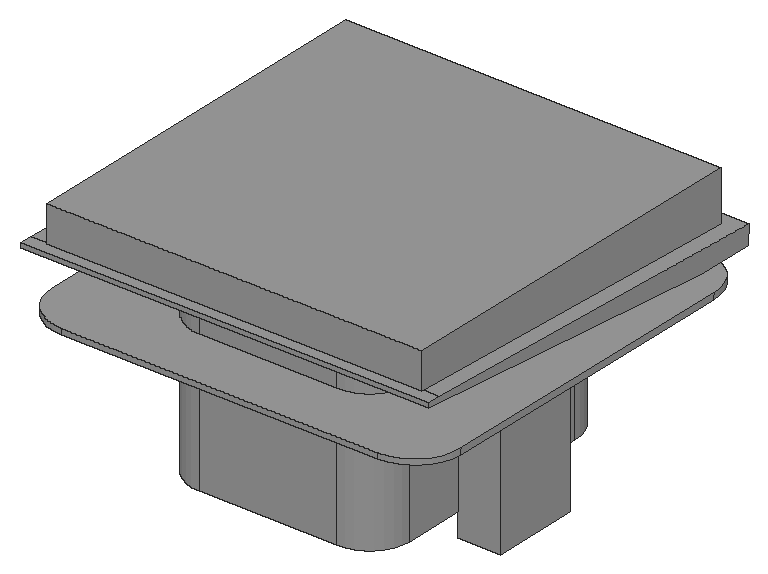
Revit family "Gira_126166", category Electrical Fixtures, host Face, Revit 2017
Family settings
  Host = Face
  Maintain Annotation Orientation = Yes
  Round Connector Dimension = Use Diameter
  Part Type = Normal
  Cut with Voids When Loaded = No
  Shared = No
  Room Calculation Point = No
Parameters (values of type "Door st. 3-g FM Gira TX_44 (WP FM) p.white")
  With info label = "Yes"
  With cover = "Yes"
  With camera = "No"
  URL = "http://katalog.gira.de/en/datenblatt.html?artikelnr=126166"
  Protection against vandalism = "Yes"
  Number of call buttons = "3"
  Name = "Door st. 3-g FM Gira TX_44 (WP FM) p.white"
  Mounting method = "Flush mounted (plaster)"
  Modular construction = "Yes"
  Manufacturer URL = "https://www.gira.de/"
  Manufacturer = "Gira"
  Keynote = ""
  Installation technique = "Bus system"
  HeinzeBIM = "https://bimportal.heinze.de/bim/door-st-3-g-fm-gira-tx-44-wp-fm-p-white/80e488d547a7f3cd47c23f1ddcd844f750dbea72"
  HAN = "126166"
  GTIN = "4010337261667"
  Description = "Door st.3g FM TX_44 PW,Door station, 3-gang,,pure white,Features:,- Installation in a conventional flush-mounted device box.,- Fits in the cover frames of the Gira TX_44 switch range.,- Modular design, therefore easy installation and expandability with further components such as call buttons, info module, colour camera, Keyless In.,- Signal transmission and supply of the audio and video components via reverse-polarity-protected and short-circuit-proof 2-wire bus.,- One-man start-up with easy start-up procedure.,- Weather-resistant speaker.,- High-quality electret microphone.,- Speakerphone function (voice-controlled talk-back with echo and background noise suppression).,- Call button LED lamps, white light. Even, clearly visible call-button illumination is achieved via maintenance-free, energy-saving LED technology.,- Audible acknowledgement signal when a call button is pressed.,- Adjustable voice volume.,- Sprayed-water proof call-button cover plate made of shock-resistant plastic.,- Name plate of the call button can be exchanged without tools and without frame disassembly.,- Professional labelling is available from the Gira Inscription Service www.marking.gira.com or using the Gira inscription software.,- Binary input for connecting a zero-voltage push button (NO contact) as a call button.,- Call button, 3-gang,,Notes :,- If only two call buttons are required, please use the call-button cover plate for 3-gang buttons."
  Default Elevation = 1219.2 mm
  Data sheet (1) = "https://katalog.gira.de/en/download.html?artikelnr=126166"
  Colour = "White"
  Category = "Door station door communication"
  BIM (1) = "https://media.stage.bim.site/public/gira/36a6b08/TX44_Komplettgerät_Schalten und Tasten.rfa?public/gira/36a6b08/TX44_Komplettgerät_Schalten und Tasten.rfa"
  Available = "No"
Reference planes
  plane 1 "Center (Front/Back)": y = 0
  plane 2 "Reference Level 0": z = 0
  plane 3 "Center (Left/Right)": x = 0
  plane 4: z = -28.6
Forms (mm)
  Extrusion 1, solid, material "Default", detail levels fine
    sketch origin (0, 0, 0) x (1, 0, 0) y (0, 1, 0)
      loop
        line (-32.604, 32.5) -> (-32.604, -32.5) -> (32.735, -32.5) -> (32.735, 32.5) -> (-32.604, 32.5)
    from 0 to 12.3
  Extrusion 2, solid, material "Default", detail levels fine
    sketch origin (0, 0, 0) x (0, 1, 0) y (0, 0, 1)
      loop
        line (35, 3.483) -> (-32.2, 6) -> (-34.55, 6) -> (-34.536, 5.199) -> (24.886, 0) -> (34.939, 0) -> (35, 3.483)
    from -35.5 to 35.5
  Extrusion 3, void
    sketch origin (0, 0, 0) x (0, 1, 0) y (0, 0, 1)
      loop
        line (42.419, 3.205) -> (-32.2, 6) -> (-42.193, 6) -> (-42.193, -11.826) -> (42.419, -11.826) -> (42.419, 3.205)
    from -64.194 to 61.264
  Extrusion 4, solid, material "Default", detail levels fine
    sketch origin (0, 0, 0) x (1, 0, 0) y (0, 1, 0)
      loop
        arc (35.5, 27.5) -> (33.157, 33.157) -> (27.5, 35.5) r 8
        line (27.5, 35.5) -> (-27.5, 35.5)
        arc (-27.5, 35.5) -> (-33.157, 33.157) -> (-35.5, 27.5) r 8
        line (-35.5, 27.5) -> (-35.5, -27.5)
        arc (-35.5, -27.5) -> (-33.157, -33.157) -> (-27.5, -35.5) r 8
        line (-27.5, -35.5) -> (27.5, -35.5)
        arc (27.5, -35.5) -> (33.157, -33.157) -> (35.5, -27.5) r 8
        line (35.5, -27.5) -> (35.5, 27.5)
    from -4.1 to -5.1
  Extrusion 5, solid, material "Default", detail levels fine
    sketch origin (0, 0, 0) x (1, 0, 0) y (0, 1, 0)
      loop
        arc (-12, 25) -> (-16.95, 22.95) -> (-19, 18) r 7
        line (-19, 18) -> (-19, -18)
        arc (-19, -18) -> (-16.95, -22.95) -> (-12, -25) r 7
        line (-12, -25) -> (12, -25)
        arc (12, -25) -> (16.95, -22.95) -> (19, -18) r 7
        line (19, -18) -> (19, 18)
        arc (19, 18) -> (16.95, 22.95) -> (12, 25) r 7
        line (12, 25) -> (-12, 25)
    from 4.692 to -28.6
  Extrusion 6, solid, material "Default", detail levels fine
    sketch origin (0, 0, 0) x (1, 0, 0) y (0, 1, 0)
      loop
        line (-26.5, -7.5) -> (-19, -7.5) -> (-19, 7.5) -> (-26.5, 7.5) -> (-26.5, -7.5)
    from -5.1 to -32.6
  Extrusion 7, solid, material "Default", detail levels fine
    sketch origin (0, 0, 0) x (-1, 0, 0) y (0, -1, 0)
      loop
        line (-26.5, 7.5) -> (-26.5, -7.5) -> (-19, -7.5) -> (-19, 7.5) -> (-26.5, 7.5)
    from -5.1 to -32.6
  Extrusion 8, solid, material "Default", detail levels medium
    sketch origin (0, 0, 0) x (1, 0, 0) y (0, 1, 0)
      loop
        line (-32.604, 32.5) -> (-32.604, -32.5) -> (32.735, -32.5) -> (32.735, 32.5) -> (-32.604, 32.5)
    from 0 to 12.3
  Extrusion 9, solid, material "Default", detail levels medium
    sketch origin (0, 0, 0) x (0, 1, 0) y (0, 0, 1)
      loop
        line (35, 3.483) -> (-32.2, 6) -> (-34.55, 6) -> (-34.445, 0) -> (34.939, 0) -> (35, 3.483)
    from -35.5 to 35.5
  Extrusion 10, solid, material "Default", detail levels medium
    sketch origin (0, 0, 0) x (1, 0, 0) y (0, 1, 0)
      loop
        line (-26.5, 25) -> (-26.5, -25) -> (26.5, -25) -> (26.5, 25) -> (-26.5, 25)
    from 4.692 to -32.6
  Extrusion 11, solid, material "Default", detail levels medium
    sketch origin (0, 0, 0) x (1, 0, 0) y (0, 1, 0)
      loop
        line (35.5, 35.5) -> (-35.5, 35.5) -> (-35.5, -35.5) -> (35.5, -35.5) -> (35.5, 35.5)
    from -4.1 to -5.1
  Extrusion 12, solid, material "Default", detail levels coarse
    sketch origin (0, 0, 0) x (1, 0, 0) y (0, 1, 0)
      loop
        line (35.5, 35.5) -> (-35.5, 35.5) -> (-35.5, -35.5) -> (35.5, -35.5) -> (35.5, 35.5)
    from -32.6 to 12.3
Cuts and joins
  Extrusion 3 cuts Extrusion 1
  joined: Extrusion 1, Extrusion 2, Extrusion 4, Extrusion 5, Extrusion 6, Extrusion 7
Dimensions and locks
  Extrusion 12 to Extrusion 12 = 44.9 mm
  aligned and locked: plane 2 "Reference Level 0" to host face
  aligned and locked: level to host face
  aligned and locked: plane 3 "Center (Left/Right)" to nested 1
  aligned and locked: plane 1 "Center (Front/Back)" to nested 1
Nested families
  nested 1: "Schalter" at (0, 0, 0), type "Schalter"
Connectors
  electrical at (0, 0, -32.6)
    settings: on Extrusion 12, index 1, voltage 220 V, apparent load 0 VA, apparent load phase1 0 VA, apparent load phase2 0 VA, apparent load phase3 0 VA, power factor 1, load classification "Other", number of poles 1, system type 30, power factor state 1, is connector primary yes, connector utility no, sub classification motor no, connector description ""
Definition of nested family "Schalter"
  Reference planes
    plane 1: y = 0
    plane 2: x = 0
  Lines and regions (mm)
    detail lines
      curve 1: circle (1.375, 2.778, 0) r 0.8 normal (0, 0, 1)
      curve 2: line (1.021, 2.061, 0) -> (0, 0, 0)
      curve 3: line (0, 0, 0) -> (-0.538, 0.266, 0)
  Dimensions and locks
    curve 2 to curve 2 = 2.3 mm
    curve 3 to curve 2 = 0.6 mm
    radius of curve 1 = 0.8 mm
